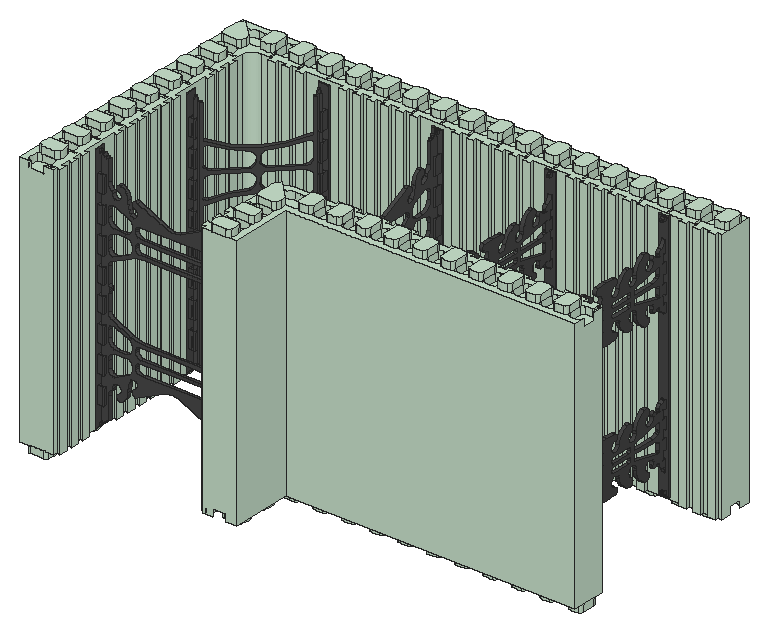
Revit family (continued)
Definition of nested family "10-inch Insert Web"
  Forms (in)
    Extrusion 2, solid, material "High Density Polystyrene"
      sketch origin (0, 0, 0) x (0, 1, 0) y (0, 0, 1)
        loop
          line (5.12543, 0.17379) -> (5.19457, 0.13538)
          arc (5.19457, 0.13538) -> (5.20585, 0.12437) -> (5.21, 0.10915) r 0.03
          line (5.21, 0.10915) -> (5.21, 0.35795)
          arc (5.21, 0.35795) -> (5.20374, 0.34342) -> (5.18889, 0.33798) r 0.02
        loop
          arc (-5.12543, 0.17379) -> (-5.11414, 0.1848) -> (-5.11, 0.20001) r 0.03
          line (-5.11, 0.20001) -> (-5.11, 0.32122)
          arc (-5.11, 0.32122) -> (-5.11625, 0.33575) -> (-5.13111, 0.34119) r 0.02
          line (-5.13111, 0.34119) -> (-5.18889, 0.33798)
          arc (-5.18889, 0.33798) -> (-5.20374, 0.34342) -> (-5.21, 0.35795) r 0.02
          line (-5.21, 0.35795) -> (-5.21, 0.10915)
          arc (-5.21, 0.10915) -> (-5.20585, 0.12437) -> (-5.19457, 0.13538) r 0.03
          line (-5.19457, 0.13538) -> (-5.12543, 0.17379)
        loop
          line (5, 17.20772) -> (4.925, 17.43772)
          arc (4.925, 17.43772) -> (4.875, 17.46772) -> (4.825, 17.43772) r 0.05667
          line (4.825, 17.43772) -> (4.77609, 17.28772) -> (4.64893, 17.28772)
          arc (4.64893, 17.28772) -> (4.61433, 17.27339) -> (4.6, 17.2388) r 0.04893
          line (4.6, 17.2388) -> (4.6, 17.20772) -> (4.5, 17.20772) -> (4.5, 15.75595)
          arc (4.5, 15.75595) -> (4.43087, 15.489) -> (4.24086, 15.28915) r 0.55
          arc (4.24086, 15.28915) -> (4.19232, 15.23289) -> (4.1843, 15.15901) r 0.125
          arc (4.1843, 15.15901) -> (3.73923, 14.83241) -> (3.77171, 15.3835) r 0.305
          arc (3.77171, 15.3835) -> (3.89426, 15.66948) -> (3.60829, 15.79202) r 0.22
          arc (3.60829, 15.79202) -> (3.25428, 15.49683) -> (3.14171, 15.04986) r 0.745
          arc (3.14171, 15.04986) -> (3.09808, 14.63491) -> (2.96932, 14.23805) r 2
          arc (2.96932, 14.23805) -> (2.47025, 14.23431) -> (2.63581, 14.70513) r 0.305
          arc (2.63581, 14.70513) -> (2.78874, 15.03658) -> (2.43743, 15.1357) r 0.24
          line (2.43743, 15.1357) -> (0.5, 14.2255)
          arc (0.5, 14.2255) -> (0.25681, 14.13776) -> (0, 14.10798) r 1.12236
          arc (0, 14.10798) -> (-0.25681, 14.13776) -> (-0.5, 14.2255) r 1.12236
          line (-0.5, 14.2255) -> (-2.43743, 15.1357)
          arc (-2.43743, 15.1357) -> (-2.78874, 15.03658) -> (-2.63581, 14.70513) r 0.24
          arc (-2.63581, 14.70513) -> (-2.47025, 14.23431) -> (-2.96932, 14.23805) r 0.305
          arc (-2.96932, 14.23805) -> (-3.09808, 14.63491) -> (-3.14171, 15.04986) r 2
          arc (-3.14171, 15.04986) -> (-3.25428, 15.49683) -> (-3.60829, 15.79202) r 0.745
          arc (-3.60829, 15.79202) -> (-3.89426, 15.66948) -> (-3.77171, 15.3835) r 0.22
          arc (-3.77171, 15.3835) -> (-3.73923, 14.83241) -> (-4.1843, 15.15901) r 0.305
          arc (-4.1843, 15.15901) -> (-4.19232, 15.23289) -> (-4.24086, 15.28915) r 0.125
          arc (-4.24086, 15.28915) -> (-4.43087, 15.489) -> (-4.5, 15.75595) r 0.55
          line (-4.5, 15.75595) -> (-4.5, 17.20772) -> (-4.6, 17.20772) -> (-4.6, 17.2388)
          arc (-4.6, 17.2388) -> (-4.61433, 17.27339) -> (-4.64893, 17.28772) r 0.04893
          line (-4.64893, 17.28772) -> (-4.77609, 17.28772) -> (-4.825, 17.43772)
          arc (-4.825, 17.43772) -> (-4.875, 17.46772) -> (-4.925, 17.43772) r 0.05667
          line (-4.925, 17.43772) -> (-5, 17.20772) -> (-5, 0.66519) -> (-4.925, 0.43519)
          arc (-4.925, 0.43519) -> (-4.875, 0.40519) -> (-4.825, 0.43519) r 0.05667
          line (-4.825, 0.43519) -> (-4.77609, 0.58519) -> (-4.64893, 0.58519)
          arc (-4.64893, 0.58519) -> (-4.61433, 0.59952) -> (-4.6, 0.63412) r 0.04893
          line (-4.6, 0.63412) -> (-4.6, 0.66519) -> (-4.5, 0.66519) -> (-4.5, 2.24405)
          arc (-4.5, 2.24405) -> (-4.43087, 2.511) -> (-4.24086, 2.71085) r 0.55
          arc (-4.24086, 2.71085) -> (-4.19232, 2.76711) -> (-4.1843, 2.84099) r 0.125
          arc (-4.1843, 2.84099) -> (-3.73923, 3.16759) -> (-3.77171, 2.6165) r 0.305
          arc (-3.77171, 2.6165) -> (-3.89426, 2.33052) -> (-3.60829, 2.20798) r 0.22
          arc (-3.60829, 2.20798) -> (-3.25428, 2.50317) -> (-3.14171, 2.95014) r 0.745
          arc (-3.14171, 2.95014) -> (-3.09808, 3.36509) -> (-2.96932, 3.76195) r 2
          arc (-2.96932, 3.76195) -> (-2.47025, 3.76569) -> (-2.63581, 3.29487) r 0.305
          arc (-2.63581, 3.29487) -> (-2.78874, 2.96342) -> (-2.43743, 2.8643) r 0.24
          line (-2.43743, 2.8643) -> (-0.5, 3.7745)
          arc (-0.5, 3.7745) -> (-0.25681, 3.86224) -> (0, 3.89202) r 1.12236
          arc (0, 3.89202) -> (0.25681, 3.86224) -> (0.5, 3.7745) r 1.12236
          line (0.5, 3.7745) -> (2.43743, 2.8643)
          arc (2.43743, 2.8643) -> (2.78874, 2.96342) -> (2.63581, 3.29487) r 0.24
          arc (2.63581, 3.29487) -> (2.47025, 3.76569) -> (2.96932, 3.76195) r 0.305
          arc (2.96932, 3.76195) -> (3.09808, 3.36509) -> (3.14171, 2.95014) r 2
          arc (3.14171, 2.95014) -> (3.25428, 2.50317) -> (3.60829, 2.20798) r 0.745
          arc (3.60829, 2.20798) -> (3.89426, 2.33052) -> (3.77171, 2.6165) r 0.22
          arc (3.77171, 2.6165) -> (3.73923, 3.16759) -> (4.1843, 2.84099) r 0.305
          arc (4.1843, 2.84099) -> (4.19232, 2.76711) -> (4.24086, 2.71085) r 0.125
          arc (4.24086, 2.71085) -> (4.43087, 2.511) -> (4.5, 2.24405) r 0.55
          line (4.5, 2.24405) -> (4.5, 0.66519) -> (4.6, 0.66519) -> (4.6, 0.63412)
          arc (4.6, 0.63412) -> (4.61433, 0.59952) -> (4.64893, 0.58519) r 0.04893
          line (4.64893, 0.58519) -> (4.77609, 0.58519) -> (4.825, 0.43519)
          arc (4.825, 0.43519) -> (4.875, 0.40519) -> (4.925, 0.43519) r 0.05667
          line (4.925, 0.43519) -> (5, 0.66519) -> (5, 17.20772)
        loop
          line (0, 13.70798) -> (-2.02401, 13.70798)
          arc (-2.02401, 13.70798) -> (-2.16288, 13.71227) -> (-2.30123, 13.72512) r 2.25
          arc (-2.30123, 13.72512) -> (-2.48146, 13.58635) -> (-2.6, 13.39222) r 0.62421
          line (-2.6, 13.39222) -> (-2.6, 13.26627)
          arc (-2.6, 13.26627) -> (-2.45481, 13.03646) -> (-2.225, 12.89127) r 0.61747
          line (-2.225, 12.89127) -> (0, 12.89127) -> (2.225, 12.89127)
          arc (2.225, 12.89127) -> (2.45481, 13.03646) -> (2.6, 13.26627) r 0.61747
          line (2.6, 13.26627) -> (2.6, 13.39222)
          arc (2.6, 13.39222) -> (2.48146, 13.58635) -> (2.30123, 13.72512) r 0.62421
          arc (2.30123, 13.72512) -> (2.16288, 13.71227) -> (2.02401, 13.70798) r 2.25
          line (2.02401, 13.70798) -> (0, 13.70798)
        loop
          line (0, 12.71127) -> (-2.22579, 12.71127)
          arc (-2.22579, 12.71127) -> (-2.4551, 12.56606) -> (-2.6, 12.33655) r 0.61747
          line (-2.6, 12.33655) -> (-2.6, 12.21055)
          arc (-2.6, 12.21055) -> (-2.48148, 12.01645) -> (-2.3013, 11.87769) r 0.62421
          arc (-2.3013, 11.87769) -> (-2.16251, 11.89062) -> (-2.02319, 11.89494) r 2.25
          line (-2.02319, 11.89494) -> (0, 11.89494) -> (2.02319, 11.89494)
          arc (2.02319, 11.89494) -> (2.16251, 11.89062) -> (2.3013, 11.87769) r 2.25
          arc (2.3013, 11.87769) -> (2.48148, 12.01645) -> (2.6, 12.21055) r 0.62421
          line (2.6, 12.21055) -> (2.6, 12.33655)
          arc (2.6, 12.33655) -> (2.4551, 12.56606) -> (2.22579, 12.71127) r 0.61747
          line (2.22579, 12.71127) -> (0, 12.71127)
        loop
          line (3.08806, 11.63079) -> (3.96605, 11.21989)
          arc (3.96605, 11.21989) -> (4.32627, 11.24313) -> (4.5, 11.55954) r 0.375
          line (4.5, 11.55954) -> (4.5, 12.08627)
          arc (4.5, 12.08627) -> (4.31694, 12.52821) -> (3.875, 12.71127) r 0.625
          line (3.875, 12.71127) -> (3.3, 12.71127)
          arc (3.3, 12.71127) -> (2.94645, 12.56482) -> (2.8, 12.21127) r 0.5
          line (2.8, 12.21127) -> (2.8, 12.08365)
          arc (2.8, 12.08365) -> (2.87812, 11.81529) -> (3.08806, 11.63079) r 0.5
        loop
          line (4.5, 13.51627) -> (4.5, 14.04299)
          arc (4.5, 14.04299) -> (4.32627, 14.35941) -> (3.96605, 14.38264) r 0.375
          line (3.96605, 14.38264) -> (3.08806, 13.97174)
          arc (3.08806, 13.97174) -> (2.87812, 13.78724) -> (2.8, 13.51888) r 0.5
          line (2.8, 13.51888) -> (2.8, 13.39127)
          arc (2.8, 13.39127) -> (2.94645, 13.03771) -> (3.3, 12.89127) r 0.5
          line (3.3, 12.89127) -> (3.875, 12.89127)
          arc (3.875, 12.89127) -> (4.31694, 13.07433) -> (4.5, 13.51627) r 0.625
        loop
          line (4.21194, 10.90608) -> (2.95372, 11.49492)
          arc (2.95372, 11.49492) -> (2.48851, 11.65338) -> (2, 11.70705) r 2.25
          line (2, 11.70705) -> (0, 11.70705) -> (-2, 11.70705)
          arc (-2, 11.70705) -> (-2.48851, 11.65338) -> (-2.95372, 11.49492) r 2.25
          line (-2.95372, 11.49492) -> (-4.21194, 10.90608)
          arc (-4.21194, 10.90608) -> (-4.42188, 10.72158) -> (-4.5, 10.45322) r 0.5
          line (-4.5, 10.45322) -> (-4.5, 9.31235) -> (-4.38, 9.11235) -> (-4.38, 9) -> (-4.38, 8.88765) -> (-4.5, 8.68765) -> (-4.5, 7.54678)
          arc (-4.5, 7.54678) -> (-4.42188, 7.27842) -> (-4.21194, 7.09392) r 0.5
          line (-4.21194, 7.09392) -> (-2.95372, 6.50508)
          arc (-2.95372, 6.50508) -> (-2.48851, 6.34662) -> (-2, 6.29295) r 2.25
          line (-2, 6.29295) -> (0, 6.29295) -> (2, 6.29295)
          arc (2, 6.29295) -> (2.48851, 6.34662) -> (2.95372, 6.50508) r 2.25
          line (2.95372, 6.50508) -> (4.21194, 7.09392)
          arc (4.21194, 7.09392) -> (4.42188, 7.27842) -> (4.5, 7.54678) r 0.5
          line (4.5, 7.54678) -> (4.5, 8.68765) -> (4.38, 8.88765) -> (4.38, 9) -> (4.38, 9.11235) -> (4.5, 9.31235) -> (4.5, 10.45322)
          arc (4.5, 10.45322) -> (4.42188, 10.72158) -> (4.21194, 10.90608) r 0.5
        loop
          arc (-3.08806, 11.63079) -> (-2.87812, 11.81529) -> (-2.8, 12.08365) r 0.5
          line (-2.8, 12.08365) -> (-2.8, 12.21127)
          arc (-2.8, 12.21127) -> (-2.94645, 12.56482) -> (-3.3, 12.71127) r 0.5
          line (-3.3, 12.71127) -> (-3.875, 12.71127)
          arc (-3.875, 12.71127) -> (-4.31694, 12.52821) -> (-4.5, 12.08627) r 0.625
          line (-4.5, 12.08627) -> (-4.5, 11.55954)
          arc (-4.5, 11.55954) -> (-4.32627, 11.24313) -> (-3.96605, 11.21989) r 0.375
          line (-3.96605, 11.21989) -> (-3.08806, 11.63079)
        loop
          arc (-4.5, 13.51627) -> (-4.31694, 13.07433) -> (-3.875, 12.89127) r 0.625
          line (-3.875, 12.89127) -> (-3.3, 12.89127)
          arc (-3.3, 12.89127) -> (-2.94645, 13.03771) -> (-2.8, 13.39127) r 0.5
          line (-2.8, 13.39127) -> (-2.8, 13.51888)
          arc (-2.8, 13.51888) -> (-2.87812, 13.78724) -> (-3.08806, 13.97174) r 0.5
          line (-3.08806, 13.97174) -> (-3.96605, 14.38264)
          arc (-3.96605, 14.38264) -> (-4.32627, 14.35941) -> (-4.5, 14.04299) r 0.375
          line (-4.5, 14.04299) -> (-4.5, 13.51627)
        loop
          line (0, 4.29202) -> (2.02401, 4.29202)
          arc (2.02401, 4.29202) -> (2.16288, 4.28773) -> (2.30123, 4.27488) r 2.25
          arc (2.30123, 4.27488) -> (2.48146, 4.41365) -> (2.6, 4.60778) r 0.62421
          line (2.6, 4.60778) -> (2.6, 4.73373)
          arc (2.6, 4.73373) -> (2.45481, 4.96354) -> (2.225, 5.10873) r 0.61747
          line (2.225, 5.10873) -> (0, 5.10873) -> (-2.225, 5.10873)
          arc (-2.225, 5.10873) -> (-2.45481, 4.96354) -> (-2.6, 4.73373) r 0.61747
          line (-2.6, 4.73373) -> (-2.6, 4.60778)
          arc (-2.6, 4.60778) -> (-2.48146, 4.41365) -> (-2.30123, 4.27488) r 0.62421
          arc (-2.30123, 4.27488) -> (-2.16288, 4.28773) -> (-2.02401, 4.29202) r 2.25
          line (-2.02401, 4.29202) -> (0, 4.29202)
        loop
          line (0, 5.28873) -> (2.22579, 5.28873)
          arc (2.22579, 5.28873) -> (2.4551, 5.43394) -> (2.6, 5.66345) r 0.61747
          line (2.6, 5.66345) -> (2.6, 5.78945)
          arc (2.6, 5.78945) -> (2.48148, 5.98355) -> (2.3013, 6.12231) r 0.62421
          arc (2.3013, 6.12231) -> (2.16251, 6.10938) -> (2.02319, 6.10506) r 2.25
          line (2.02319, 6.10506) -> (0, 6.10506) -> (-2.02319, 6.10506)
          arc (-2.02319, 6.10506) -> (-2.16251, 6.10938) -> (-2.3013, 6.12231) r 2.25
          arc (-2.3013, 6.12231) -> (-2.48148, 5.98355) -> (-2.6, 5.78945) r 0.62421
          line (-2.6, 5.78945) -> (-2.6, 5.66345)
          arc (-2.6, 5.66345) -> (-2.4551, 5.43394) -> (-2.22579, 5.28873) r 0.61747
          line (-2.22579, 5.28873) -> (0, 5.28873)
        loop
          arc (3.08806, 6.36921) -> (2.87812, 6.18471) -> (2.8, 5.91635) r 0.5
          line (2.8, 5.91635) -> (2.8, 5.78873)
          arc (2.8, 5.78873) -> (2.94645, 5.43518) -> (3.3, 5.28873) r 0.5
          line (3.3, 5.28873) -> (3.875, 5.28873)
          arc (3.875, 5.28873) -> (4.31694, 5.47179) -> (4.5, 5.91373) r 0.625
          line (4.5, 5.91373) -> (4.5, 6.44046)
          arc (4.5, 6.44046) -> (4.32627, 6.75687) -> (3.96605, 6.78011) r 0.375
          line (3.96605, 6.78011) -> (3.08806, 6.36921)
        loop
          arc (4.5, 4.48373) -> (4.31694, 4.92567) -> (3.875, 5.10873) r 0.625
          line (3.875, 5.10873) -> (3.3, 5.10873)
          arc (3.3, 5.10873) -> (2.94645, 4.96229) -> (2.8, 4.60873) r 0.5
          line (2.8, 4.60873) -> (2.8, 4.48112)
          arc (2.8, 4.48112) -> (2.87812, 4.21276) -> (3.08806, 4.02826) r 0.5
          line (3.08806, 4.02826) -> (3.96605, 3.61736)
          arc (3.96605, 3.61736) -> (4.32627, 3.64059) -> (4.5, 3.95701) r 0.375
          line (4.5, 3.95701) -> (4.5, 4.48373)
        loop
          line (-3.08806, 6.36921) -> (-3.96605, 6.78011)
          arc (-3.96605, 6.78011) -> (-4.32627, 6.75687) -> (-4.5, 6.44046) r 0.375
          line (-4.5, 6.44046) -> (-4.5, 5.91373)
          arc (-4.5, 5.91373) -> (-4.31694, 5.47179) -> (-3.875, 5.28873) r 0.625
          line (-3.875, 5.28873) -> (-3.3, 5.28873)
          arc (-3.3, 5.28873) -> (-2.94645, 5.43518) -> (-2.8, 5.78873) r 0.5
          line (-2.8, 5.78873) -> (-2.8, 5.91635)
          arc (-2.8, 5.91635) -> (-2.87812, 6.18471) -> (-3.08806, 6.36921) r 0.5
        loop
          line (-4.5, 4.48373) -> (-4.5, 3.95701)
          arc (-4.5, 3.95701) -> (-4.32627, 3.64059) -> (-3.96605, 3.61736) r 0.375
          line (-3.96605, 3.61736) -> (-3.08806, 4.02826)
          arc (-3.08806, 4.02826) -> (-2.87812, 4.21276) -> (-2.8, 4.48112) r 0.5
          line (-2.8, 4.48112) -> (-2.8, 4.60873)
          arc (-2.8, 4.60873) -> (-2.94645, 4.96229) -> (-3.3, 5.10873) r 0.5
          line (-3.3, 5.10873) -> (-3.875, 5.10873)
          arc (-3.875, 5.10873) -> (-4.31694, 4.92567) -> (-4.5, 4.48373) r 0.625
      from 0.125 to -0.125
    Extrusion 3, solid, material "High Density Polystyrene"
      sketch origin (0, 0, 0) x (0, 1, 0) y (0, 0, 1)
        loop
          line (5.21, 16.17792) -> (4.71, 16.17792) -> (4.71, 14.97792) -> (5.21, 14.97792) -> (5.21, 16.17792)
        loop
          line (5.21, 14.22792) -> (4.71, 14.22792) -> (4.71, 13.02792) -> (5.21, 13.02792) -> (5.21, 14.22792)
        loop
          line (5.21, 12.27792) -> (4.71, 12.27792) -> (4.71, 11.07792) -> (5.21, 11.07792) -> (5.21, 12.27792)
        loop
          line (5.21, 10.32792) -> (4.71, 10.32792) -> (4.71, 9.24792) -> (5.21, 9.24792) -> (5.21, 10.32792)
        loop
          line (5.21, 8.49792) -> (4.71, 8.49792) -> (4.71, 7.41792) -> (5.21, 7.41792) -> (5.21, 8.49792)
        loop
          line (5.21, 6.66792) -> (4.71, 6.66792) -> (4.71, 5.46792) -> (5.21, 5.46792) -> (5.21, 6.66792)
        loop
          line (5.21, 4.71792) -> (4.71, 4.71792) -> (4.71, 3.51792) -> (5.21, 3.51792) -> (5.21, 4.71792)
        loop
          line (5.21, 2.76792) -> (4.71, 2.76792) -> (4.71, 1.56792) -> (5.21, 1.56792) -> (5.21, 2.76792)
        loop
          line (-5.21, 16.17792) -> (-5.21, 14.97792) -> (-4.71, 14.97792) -> (-4.71, 16.17792) -> (-5.21, 16.17792)
        loop
          line (-5.21, 14.22792) -> (-5.21, 13.02792) -> (-4.71, 13.02792) -> (-4.71, 14.22792) -> (-5.21, 14.22792)
        loop
          line (-5.21, 12.27792) -> (-5.21, 11.07792) -> (-4.71, 11.07792) -> (-4.71, 12.27792) -> (-5.21, 12.27792)
        loop
          line (-5.21, 10.32792) -> (-5.21, 9.24792) -> (-4.71, 9.24792) -> (-4.71, 10.32792) -> (-5.21, 10.32792)
        loop
          line (-5.21, 8.49792) -> (-5.21, 7.41792) -> (-4.71, 7.41792) -> (-4.71, 8.49792) -> (-5.21, 8.49792)
        loop
          line (-5.21, 6.66792) -> (-5.21, 5.46792) -> (-4.71, 5.46792) -> (-4.71, 6.66792) -> (-5.21, 6.66792)
        loop
          line (-5.21, 4.71792) -> (-5.21, 3.51792) -> (-4.71, 3.51792) -> (-4.71, 4.71792) -> (-5.21, 4.71792)
        loop
          line (-5.21, 2.76792) -> (-5.21, 1.56792) -> (-4.71, 1.56792) -> (-4.71, 2.76792) -> (-5.21, 2.76792)
      from 0.25 to -0.25
    Extrusion 4, void
      sketch origin (0, 2, 0) x (1, 0, 0) y (0, 1, 0)
        loop
          line (-0.25, 2.79249) -> (-0.25, 2.71) -> (-0.1675, 2.71)
          arc (-0.1675, 2.71) -> (-0.22584, 2.73416) -> (-0.25, 2.79249) r 0.0825
      from 0 to 18
    Extrusion 5, void
      sketch origin (0, 2, 0) x (-1, 0, 0) y (0, -1, 0)
        loop
          arc (-0.25, -2.79249) -> (-0.22584, -2.73416) -> (-0.1675, -2.71) r 0.0825
          line (-0.1675, -2.71) -> (-0.25, -2.71) -> (-0.25, -2.79249)
      from 0 to 18
    Extrusion 6, void
      sketch origin (0, -2, 0) x (1, 0, 0) y (0, 1, 0)
        loop
          arc (-0.25, -2.79249) -> (-0.22584, -2.73416) -> (-0.1675, -2.71) r 0.0825
          line (-0.1675, -2.71) -> (-0.25, -2.71) -> (-0.25, -2.79249)
      from 0 to 18
    Extrusion 7, void
      sketch origin (0, -2, 0) x (-1, 0, 0) y (0, -1, 0)
        loop
          line (-0.25, 2.79249) -> (-0.25, 2.71) -> (-0.1675, 2.71)
          arc (-0.1675, 2.71) -> (-0.22584, 2.73416) -> (-0.25, 2.79249) r 0.0825
      from 0 to 18
  Cuts and joins
    Extrusion 4, Extrusion 5, Extrusion 6, Extrusion 7 cuts Extrusion 1
    Extrusion 4, Extrusion 5, Extrusion 6, Extrusion 7 cuts Extrusion 3
Definition of nested family "10-inch Web"
  Reference planes (in)
    plane 1 "Center (Front/Back)": y = 0
    plane 2: z = 0
    plane 3 "Center (Left/Right)": x = 0
  Forms (in)
    Extrusion 1, solid, material "Polypropylene"
      sketch origin (0, 0, -0.5) x (0, 1, 0) y (0, 0, 1)
        loop
          arc (5.185, 0.98503) -> (5.17874, 0.9705) -> (5.16389, 0.96506) r 0.02
          line (5.16389, 0.96506) -> (5.00611, 0.97383)
          arc (5.00611, 0.97383) -> (4.99126, 0.96839) -> (4.985, 0.95386) r 0.02
          line (4.985, 0.95386) -> (4.985, 0.88265)
          arc (4.985, 0.88265) -> (4.98914, 0.86744) -> (5.00043, 0.85643) r 0.03
          line (5.00043, 0.85643) -> (5.16957, 0.76246)
          arc (5.16957, 0.76246) -> (5.18086, 0.75145) -> (5.185, 0.73624) r 0.03
          line (5.185, 0.73624) -> (5.185, 0.98503)
        loop
          line (-5.185, 0.98503) -> (-5.185, 0.73624)
          arc (-5.185, 0.73624) -> (-5.18086, 0.75145) -> (-5.16957, 0.76246) r 0.03
          line (-5.16957, 0.76246) -> (-5.00043, 0.85643)
          arc (-5.00043, 0.85643) -> (-4.98914, 0.86744) -> (-4.985, 0.88265) r 0.03
          line (-4.985, 0.88265) -> (-4.985, 0.95386)
          arc (-4.985, 0.95386) -> (-4.99126, 0.96839) -> (-5.00611, 0.97383) r 0.02
          line (-5.00611, 0.97383) -> (-5.16389, 0.96506)
          arc (-5.16389, 0.96506) -> (-5.17874, 0.9705) -> (-5.185, 0.98503) r 0.02
        loop
          line (4.959, 15.45384) -> (4.959, 15.95381) -> (4.854, 15.95381) -> (4.854, 16.02384) -> (5.0915, 16.02384)
          arc (5.0915, 16.02384) -> (5.1357, 16.00553) -> (5.154, 15.96134) r 0.0625
          line (5.154, 15.96134) -> (5.154, 16.86095)
          arc (5.154, 16.86095) -> (5.06225, 16.57227) -> (4.82067, 16.38954) r 0.5
          arc (4.82067, 16.38954) -> (4.69988, 16.29818) -> (4.654, 16.15384) r 0.25
          line (4.654, 16.15384) -> (4.654, 16.08634)
          arc (4.654, 16.08634) -> (4.67231, 16.04214) -> (4.7165, 16.02384) r 0.0625
          line (4.7165, 16.02384) -> (4.764, 16.02384) -> (4.764, 15.95381) -> (4.65846, 15.95381)
          arc (4.65846, 15.95381) -> (4.46242, 15.98802) -> (4.30133, 16.10487) r 0.44133
          arc (4.30133, 16.10487) -> (4.13092, 16.12201) -> (4.10336, 15.95298) r 0.125
          arc (4.10336, 15.95298) -> (3.6202, 15.47559) -> (3.56289, 16.15239) r 0.375
          arc (3.56289, 16.15239) -> (3.71165, 16.51474) -> (3.34931, 16.66349) r 0.27697
          arc (3.34931, 16.66349) -> (2.83672, 16.26582) -> (2.64033, 15.6475) r 1.09159
          line (2.64033, 15.6475) -> (2.64084, 15.48251)
          arc (2.64084, 15.48251) -> (2.06728, 15.19279) -> (2.07976, 15.83525) r 0.375
          arc (2.07976, 15.83525) -> (2.22851, 16.1976) -> (1.86617, 16.34635) r 0.27697
          arc (1.86617, 16.34635) -> (1.36679, 16.02099) -> (1.12993, 15.47406) r 1.0341
          arc (1.12993, 15.47406) -> (0.55637, 15.18434) -> (0.56885, 15.8268) r 0.375
          arc (0.56885, 15.8268) -> (0.65723, 15.85457) -> (0.74814, 15.87237) r 0.83414
          arc (0.74814, 15.87237) -> (0.91326, 16.103) -> (0.71383, 16.30469) r 0.22
          arc (0.71383, 16.30469) -> (0.35845, 16.35404) -> (0, 16.36944) r 3.77741
          arc (0, 16.36944) -> (-0.35845, 16.35404) -> (-0.71383, 16.30469) r 3.77741
          arc (-0.71383, 16.30469) -> (-0.91326, 16.103) -> (-0.74814, 15.87237) r 0.22
          arc (-0.74814, 15.87237) -> (-0.65723, 15.85457) -> (-0.56885, 15.8268) r 0.83414
          arc (-0.56885, 15.8268) -> (-0.55637, 15.18434) -> (-1.12993, 15.47406) r 0.375
          arc (-1.12993, 15.47406) -> (-1.36679, 16.02099) -> (-1.86617, 16.34635) r 1.0341
          arc (-1.86617, 16.34635) -> (-2.22851, 16.1976) -> (-2.07976, 15.83525) r 0.27697
          arc (-2.07976, 15.83525) -> (-2.06728, 15.19279) -> (-2.64084, 15.48251) r 0.375
          line (-2.64084, 15.48251) -> (-2.64033, 15.6475)
          arc (-2.64033, 15.6475) -> (-2.83672, 16.26582) -> (-3.34931, 16.66349) r 1.09159
          arc (-3.34931, 16.66349) -> (-3.71165, 16.51474) -> (-3.56289, 16.15239) r 0.27697
          arc (-3.56289, 16.15239) -> (-3.6202, 15.47559) -> (-4.10336, 15.95298) r 0.375
          arc (-4.10336, 15.95298) -> (-4.13092, 16.12201) -> (-4.30133, 16.10487) r 0.125
          arc (-4.30133, 16.10487) -> (-4.46242, 15.98802) -> (-4.65846, 15.95381) r 0.44133
          line (-4.65846, 15.95381) -> (-4.764, 15.95381) -> (-4.764, 16.02384) -> (-4.7165, 16.02384)
          arc (-4.7165, 16.02384) -> (-4.67231, 16.04214) -> (-4.654, 16.08634) r 0.0625
          line (-4.654, 16.08634) -> (-4.654, 16.15384)
          arc (-4.654, 16.15384) -> (-4.69988, 16.29818) -> (-4.82067, 16.38954) r 0.25
          arc (-4.82067, 16.38954) -> (-5.06225, 16.57227) -> (-5.154, 16.86095) r 0.5
          line (-5.154, 16.86095) -> (-5.154, 15.96134)
          arc (-5.154, 15.96134) -> (-5.1357, 16.00553) -> (-5.0915, 16.02384) r 0.0625
          line (-5.0915, 16.02384) -> (-4.854, 16.02384) -> (-4.854, 15.95381) -> (-4.959, 15.95381) -> (-4.959, 15.45384) -> (-4.854, 15.45384) -> (-4.854, 15.38384) -> (-5.1225, 15.38384)
          arc (-5.1225, 15.38384) -> (-5.16669, 15.40214) -> (-5.185, 15.44634) r 0.0625
          line (-5.185, 15.44634) -> (-5.185, 14.66134)
          arc (-5.185, 14.66134) -> (-5.16669, 14.70553) -> (-5.1225, 14.72384) r 0.0625
          line (-5.1225, 14.72384) -> (-4.854, 14.72384) -> (-4.854, 14.65384) -> (-4.959, 14.65384) -> (-4.959, 14.15384) -> (-4.854, 14.15384) -> (-4.854, 14.08384) -> (-5.1225, 14.08384)
          arc (-5.1225, 14.08384) -> (-5.16669, 14.10214) -> (-5.185, 14.14634) r 0.0625
          line (-5.185, 14.14634) -> (-5.185, 13.36134)
          arc (-5.185, 13.36134) -> (-5.16669, 13.40553) -> (-5.1225, 13.42384) r 0.0625
          line (-5.1225, 13.42384) -> (-4.854, 13.42384) -> (-4.854, 13.35384) -> (-4.959, 13.35384) -> (-4.959, 12.85387) -> (-4.854, 12.85387) -> (-4.854, 12.78384) -> (-5.1225, 12.78384)
          arc (-5.1225, 12.78384) -> (-5.16669, 12.80214) -> (-5.185, 12.84634) r 0.0625
          line (-5.185, 12.84634) -> (-5.185, 12.24673) -> (-5.054, 12.24673)
          arc (-5.054, 12.24673) -> (-4.95001, 12.34969) -> (-4.82067, 12.41814) r 0.5
          arc (-4.82067, 12.41814) -> (-4.69988, 12.5095) -> (-4.654, 12.65384) r 0.25
          line (-4.654, 12.65384) -> (-4.654, 12.72134)
          arc (-4.654, 12.72134) -> (-4.67231, 12.76553) -> (-4.7165, 12.78384) r 0.0625
          line (-4.7165, 12.78384) -> (-4.764, 12.78384) -> (-4.764, 12.85387) -> (-4.65846, 12.85387)
          arc (-4.65846, 12.85387) -> (-4.46242, 12.81966) -> (-4.30133, 12.70281) r 0.44133
          arc (-4.30133, 12.70281) -> (-4.13092, 12.68566) -> (-4.10336, 12.8547) r 0.125
          arc (-4.10336, 12.8547) -> (-3.6202, 13.33209) -> (-3.56289, 12.65529) r 0.375
          arc (-3.56289, 12.65529) -> (-3.71165, 12.29294) -> (-3.34931, 12.14419) r 0.27697
          arc (-3.34931, 12.14419) -> (-2.83672, 12.54186) -> (-2.64033, 13.16018) r 1.09159
          line (-2.64033, 13.16018) -> (-2.64084, 13.32517)
          arc (-2.64084, 13.32517) -> (-2.06728, 13.61488) -> (-2.07976, 12.97243) r 0.375
          arc (-2.07976, 12.97243) -> (-2.22851, 12.61008) -> (-1.86617, 12.46132) r 0.27697
          arc (-1.86617, 12.46132) -> (-1.36679, 12.78669) -> (-1.12993, 13.33362) r 1.0341
          arc (-1.12993, 13.33362) -> (-0.55637, 13.62334) -> (-0.56885, 12.98088) r 0.375
          arc (-0.56885, 12.98088) -> (-0.65723, 12.95311) -> (-0.74814, 12.93531) r 0.83414
          arc (-0.74814, 12.93531) -> (-0.91326, 12.70468) -> (-0.71383, 12.50299) r 0.22
          arc (-0.71383, 12.50299) -> (-0.35845, 12.45364) -> (0, 12.43823) r 3.77741
          arc (0, 12.43823) -> (0.35845, 12.45364) -> (0.71383, 12.50299) r 3.77741
          arc (0.71383, 12.50299) -> (0.91326, 12.70468) -> (0.74814, 12.93531) r 0.22
          arc (0.74814, 12.93531) -> (0.65723, 12.95311) -> (0.56885, 12.98088) r 0.83414
          arc (0.56885, 12.98088) -> (0.55637, 13.62334) -> (1.12993, 13.33362) r 0.375
          arc (1.12993, 13.33362) -> (1.36679, 12.78669) -> (1.86617, 12.46132) r 1.0341
          arc (1.86617, 12.46132) -> (2.22851, 12.61008) -> (2.07976, 12.97243) r 0.27697
          arc (2.07976, 12.97243) -> (2.06728, 13.61488) -> (2.64084, 13.32517) r 0.375
          line (2.64084, 13.32517) -> (2.64033, 13.16018)
          arc (2.64033, 13.16018) -> (2.83672, 12.54186) -> (3.34931, 12.14419) r 1.09159
          arc (3.34931, 12.14419) -> (3.71165, 12.29294) -> (3.56289, 12.65529) r 0.27697
          arc (3.56289, 12.65529) -> (3.6202, 13.33209) -> (4.10336, 12.8547) r 0.375
          arc (4.10336, 12.8547) -> (4.13092, 12.68566) -> (4.30133, 12.70281) r 0.125
          arc (4.30133, 12.70281) -> (4.46242, 12.81966) -> (4.65846, 12.85387) r 0.44133
          line (4.65846, 12.85387) -> (4.764, 12.85387) -> (4.764, 12.78384) -> (4.7165, 12.78384)
          arc (4.7165, 12.78384) -> (4.67231, 12.76553) -> (4.654, 12.72134) r 0.0625
          line (4.654, 12.72134) -> (4.654, 12.65384)
          arc (4.654, 12.65384) -> (4.69988, 12.5095) -> (4.82067, 12.41814) r 0.25
          arc (4.82067, 12.41814) -> (4.95001, 12.34969) -> (5.054, 12.24673) r 0.5
          line (5.054, 12.24673) -> (5.185, 12.24673) -> (5.185, 12.84634)
          arc (5.185, 12.84634) -> (5.16669, 12.80214) -> (5.1225, 12.78384) r 0.0625
          line (5.1225, 12.78384) -> (4.854, 12.78384) -> (4.854, 12.85387) -> (4.959, 12.85387) -> (4.959, 13.35384) -> (4.854, 13.35384) -> (4.854, 13.42384) -> (5.1225, 13.42384)
          arc (5.1225, 13.42384) -> (5.16669, 13.40553) -> (5.185, 13.36134) r 0.0625
          line (5.185, 13.36134) -> (5.185, 14.14634)
          arc (5.185, 14.14634) -> (5.16669, 14.10214) -> (5.1225, 14.08384) r 0.0625
          line (5.1225, 14.08384) -> (4.854, 14.08384) -> (4.854, 14.15384) -> (4.959, 14.15384) -> (4.959, 14.65384) -> (4.854, 14.65384) -> (4.854, 14.72384) -> (5.1225, 14.72384)
          arc (5.1225, 14.72384) -> (5.16669, 14.70553) -> (5.185, 14.66134) r 0.0625
          line (5.185, 14.66134) -> (5.185, 15.44634)
          arc (5.185, 15.44634) -> (5.16669, 15.40214) -> (5.1225, 15.38384) r 0.0625
          line (5.1225, 15.38384) -> (4.854, 15.38384) -> (4.854, 15.45384) -> (4.959, 15.45384)
        loop
          line (4.659, 14.65384) -> (4.764, 14.65384) -> (4.764, 14.72384) -> (4.7165, 14.72384)
          arc (4.7165, 14.72384) -> (4.67231, 14.74214) -> (4.654, 14.78634) r 0.0625
          line (4.654, 14.78634) -> (4.654, 15.32134)
          arc (4.654, 15.32134) -> (4.67231, 15.36553) -> (4.7165, 15.38384) r 0.0625
          line (4.7165, 15.38384) -> (4.764, 15.38384) -> (4.764, 15.45384) -> (4.659, 15.45384) -> (2.44144, 14.95721)
          arc (2.44144, 14.95721) -> (2.37119, 14.91337) -> (2.34376, 14.83523) r 0.125
          line (2.34376, 14.83523) -> (2.34376, 14.62294)
          arc (2.34376, 14.62294) -> (2.38037, 14.53455) -> (2.46876, 14.49794) r 0.125
          line (2.46876, 14.49794) -> (4.10628, 14.49794)
          arc (4.10628, 14.49794) -> (4.33726, 14.5391) -> (4.5554, 14.62551) r 1.17022
          arc (4.5554, 14.62551) -> (4.60543, 14.64613) -> (4.659, 14.65384) r 0.21872
        loop
          line (4.659, 13.35384) -> (4.764, 13.35384) -> (4.764, 13.42384) -> (4.7165, 13.42384)
          arc (4.7165, 13.42384) -> (4.67231, 13.44214) -> (4.654, 13.48634) r 0.0625
          line (4.654, 13.48634) -> (4.654, 14.02134)
          arc (4.654, 14.02134) -> (4.67231, 14.06553) -> (4.7165, 14.08384) r 0.0625
          line (4.7165, 14.08384) -> (4.764, 14.08384) -> (4.764, 14.15384) -> (4.659, 14.15384)
          arc (4.659, 14.15384) -> (4.60543, 14.16155) -> (4.5554, 14.18217) r 0.21872
          arc (4.5554, 14.18217) -> (4.33726, 14.26858) -> (4.10628, 14.30974) r 1.17022
          line (4.10628, 14.30974) -> (2.46876, 14.30974)
          arc (2.46876, 14.30974) -> (2.38037, 14.27312) -> (2.34376, 14.18474) r 0.125
          line (2.34376, 14.18474) -> (2.34376, 13.97245)
          arc (2.34376, 13.97245) -> (2.37119, 13.89431) -> (2.44144, 13.85047) r 0.125
          line (2.44144, 13.85047) -> (4.659, 13.35384)
        loop
          line (5.185, 18.01497) -> (5.185, 18.26376)
          arc (5.185, 18.26376) -> (5.18086, 18.24855) -> (5.16957, 18.23754) r 0.03
          line (5.16957, 18.23754) -> (5.00043, 18.14357)
          arc (5.00043, 18.14357) -> (4.98914, 18.13256) -> (4.985, 18.11735) r 0.03
          line (4.985, 18.11735) -> (4.985, 18.04614)
          arc (4.985, 18.04614) -> (4.99126, 18.03161) -> (5.00611, 18.02617) r 0.02
          line (5.00611, 18.02617) -> (5.16389, 18.03494)
          arc (5.16389, 18.03494) -> (5.17874, 18.0295) -> (5.185, 18.01497) r 0.02
        loop
          arc (-5.185, 18.01497) -> (-5.17874, 18.0295) -> (-5.16389, 18.03494) r 0.02
          line (-5.16389, 18.03494) -> (-5.00611, 18.02617)
          arc (-5.00611, 18.02617) -> (-4.99126, 18.03161) -> (-4.985, 18.04614) r 0.02
          line (-4.985, 18.04614) -> (-4.985, 18.11735)
          arc (-4.985, 18.11735) -> (-4.98914, 18.13256) -> (-5.00043, 18.14357) r 0.03
          line (-5.00043, 18.14357) -> (-5.16957, 18.23754)
          arc (-5.16957, 18.23754) -> (-5.18086, 18.24855) -> (-5.185, 18.26376) r 0.03
          line (-5.185, 18.26376) -> (-5.185, 18.01497)
        loop
          line (2.03126, 14.93281) -> (0.59176, 14.93281)
          arc (0.59176, 14.93281) -> (0.37476, 14.71581) -> (0.59176, 14.49881) r 0.217
          line (0.59176, 14.49881) -> (2.03126, 14.49881)
          arc (2.03126, 14.49881) -> (2.11964, 14.53542) -> (2.15626, 14.62381) r 0.125
          line (2.15626, 14.62381) -> (2.15626, 14.80781)
          arc (2.15626, 14.80781) -> (2.11964, 14.8962) -> (2.03126, 14.93281) r 0.125
        loop
          line (0.59176, 13.87487) -> (2.03126, 13.87487)
          arc (2.03126, 13.87487) -> (2.11964, 13.91148) -> (2.15626, 13.99987) r 0.125
          line (2.15626, 13.99987) -> (2.15626, 14.18387)
          arc (2.15626, 14.18387) -> (2.11964, 14.27226) -> (2.03126, 14.30887) r 0.125
          line (2.03126, 14.30887) -> (0.59176, 14.30887)
          arc (0.59176, 14.30887) -> (0.37476, 14.09187) -> (0.59176, 13.87487) r 0.217
        loop
          arc (-4.659, 14.65384) -> (-4.60543, 14.64613) -> (-4.5554, 14.62551) r 0.21872
          arc (-4.5554, 14.62551) -> (-4.33726, 14.5391) -> (-4.10628, 14.49794) r 1.17022
          line (-4.10628, 14.49794) -> (-2.46876, 14.49794)
          arc (-2.46876, 14.49794) -> (-2.38037, 14.53455) -> (-2.34376, 14.62294) r 0.125
          line (-2.34376, 14.62294) -> (-2.34376, 14.83523)
          arc (-2.34376, 14.83523) -> (-2.37119, 14.91337) -> (-2.44144, 14.95721) r 0.125
          line (-2.44144, 14.95721) -> (-4.659, 15.45384) -> (-4.764, 15.45384) -> (-4.764, 15.38384) -> (-4.7165, 15.38384)
          arc (-4.7165, 15.38384) -> (-4.67231, 15.36553) -> (-4.654, 15.32134) r 0.0625
          line (-4.654, 15.32134) -> (-4.654, 14.78634)
          arc (-4.654, 14.78634) -> (-4.67231, 14.74214) -> (-4.7165, 14.72384) r 0.0625
          line (-4.7165, 14.72384) -> (-4.764, 14.72384) -> (-4.764, 14.65384) -> (-4.659, 14.65384)
        loop
          line (-4.659, 13.35384) -> (-2.44144, 13.85047)
          arc (-2.44144, 13.85047) -> (-2.37119, 13.89431) -> (-2.34376, 13.97245) r 0.125
          line (-2.34376, 13.97245) -> (-2.34376, 14.18474)
          arc (-2.34376, 14.18474) -> (-2.38037, 14.27312) -> (-2.46876, 14.30974) r 0.125
          line (-2.46876, 14.30974) -> (-4.10628, 14.30974)
          arc (-4.10628, 14.30974) -> (-4.33726, 14.26858) -> (-4.5554, 14.18217) r 1.17022
          arc (-4.5554, 14.18217) -> (-4.60543, 14.16155) -> (-4.659, 14.15384) r 0.21872
          line (-4.659, 14.15384) -> (-4.764, 14.15384) -> (-4.764, 14.08384) -> (-4.7165, 14.08384)
          arc (-4.7165, 14.08384) -> (-4.67231, 14.06553) -> (-4.654, 14.02134) r 0.0625
          line (-4.654, 14.02134) -> (-4.654, 13.48634)
          arc (-4.654, 13.48634) -> (-4.67231, 13.44214) -> (-4.7165, 13.42384) r 0.0625
          line (-4.7165, 13.42384) -> (-4.764, 13.42384) -> (-4.764, 13.35384) -> (-4.659, 13.35384)
        loop
          arc (-2.03126, 14.93281) -> (-2.11964, 14.8962) -> (-2.15626, 14.80781) r 0.125
          line (-2.15626, 14.80781) -> (-2.15626, 14.62381)
          arc (-2.15626, 14.62381) -> (-2.11964, 14.53542) -> (-2.03126, 14.49881) r 0.125
          line (-2.03126, 14.49881) -> (-0.59176, 14.49881)
          arc (-0.59176, 14.49881) -> (-0.37476, 14.71581) -> (-0.59176, 14.93281) r 0.217
          line (-0.59176, 14.93281) -> (-2.03126, 14.93281)
        loop
          arc (-0.59176, 13.87487) -> (-0.37476, 14.09187) -> (-0.59176, 14.30887) r 0.217
          line (-0.59176, 14.30887) -> (-2.03126, 14.30887)
          arc (-2.03126, 14.30887) -> (-2.11964, 14.27226) -> (-2.15626, 14.18387) r 0.125
          line (-2.15626, 14.18387) -> (-2.15626, 13.99987)
          arc (-2.15626, 13.99987) -> (-2.11964, 13.91148) -> (-2.03126, 13.87487) r 0.125
          line (-2.03126, 13.87487) -> (-0.59176, 13.87487)
        loop
          line (4.959, 3.54616) -> (4.854, 3.54616) -> (4.854, 3.61616) -> (5.1225, 3.61616)
          arc (5.1225, 3.61616) -> (5.16669, 3.59786) -> (5.185, 3.55366) r 0.0625
          line (5.185, 3.55366) -> (5.185, 4.33866)
          arc (5.185, 4.33866) -> (5.16669, 4.29447) -> (5.1225, 4.27616) r 0.0625
          line (5.1225, 4.27616) -> (4.854, 4.27616) -> (4.854, 4.34616) -> (4.959, 4.34616) -> (4.959, 4.84616) -> (4.854, 4.84616) -> (4.854, 4.91616) -> (5.1225, 4.91616)
          arc (5.1225, 4.91616) -> (5.16669, 4.89786) -> (5.185, 4.85366) r 0.0625
          line (5.185, 4.85366) -> (5.185, 5.63866)
          arc (5.185, 5.63866) -> (5.16669, 5.59447) -> (5.1225, 5.57616) r 0.0625
          line (5.1225, 5.57616) -> (4.854, 5.57616) -> (4.854, 5.64616) -> (4.959, 5.64616) -> (4.959, 6.14613) -> (4.854, 6.14613) -> (4.854, 6.21616) -> (5.1225, 6.21616)
          arc (5.1225, 6.21616) -> (5.16669, 6.19786) -> (5.185, 6.15366) r 0.0625
          line (5.185, 6.15366) -> (5.185, 6.75327) -> (5.054, 6.75327)
          arc (5.054, 6.75327) -> (4.95001, 6.65031) -> (4.82067, 6.58186) r 0.5
          arc (4.82067, 6.58186) -> (4.69988, 6.4905) -> (4.654, 6.34616) r 0.25
          line (4.654, 6.34616) -> (4.654, 6.27866)
          arc (4.654, 6.27866) -> (4.67231, 6.23447) -> (4.7165, 6.21616) r 0.0625
          line (4.7165, 6.21616) -> (4.764, 6.21616) -> (4.764, 6.14613) -> (4.65846, 6.14613)
          arc (4.65846, 6.14613) -> (4.46242, 6.18034) -> (4.30133, 6.29719) r 0.44133
          arc (4.30133, 6.29719) -> (4.13092, 6.31434) -> (4.10336, 6.1453) r 0.125
          arc (4.10336, 6.1453) -> (3.6202, 5.66791) -> (3.56289, 6.34471) r 0.375
          arc (3.56289, 6.34471) -> (3.71165, 6.70706) -> (3.34931, 6.85581) r 0.27697
          arc (3.34931, 6.85581) -> (2.83672, 6.45814) -> (2.64033, 5.83982) r 1.09159
          line (2.64033, 5.83982) -> (2.64084, 5.67483)
          arc (2.64084, 5.67483) -> (2.06728, 5.38512) -> (2.07976, 6.02757) r 0.375
          arc (2.07976, 6.02757) -> (2.22851, 6.38992) -> (1.86617, 6.53868) r 0.27697
          arc (1.86617, 6.53868) -> (1.36679, 6.21331) -> (1.12993, 5.66638) r 1.0341
          arc (1.12993, 5.66638) -> (0.55637, 5.37666) -> (0.56885, 6.01912) r 0.375
          arc (0.56885, 6.01912) -> (0.65723, 6.04689) -> (0.74814, 6.06469) r 0.83414
          arc (0.74814, 6.06469) -> (0.91326, 6.29532) -> (0.71383, 6.49701) r 0.22
          arc (0.71383, 6.49701) -> (0.35845, 6.54636) -> (0, 6.56177) r 3.77741
          arc (0, 6.56177) -> (-0.35845, 6.54636) -> (-0.71383, 6.49701) r 3.77741
          arc (-0.71383, 6.49701) -> (-0.91326, 6.29532) -> (-0.74814, 6.06469) r 0.22
          arc (-0.74814, 6.06469) -> (-0.65723, 6.04689) -> (-0.56885, 6.01912) r 0.83414
          arc (-0.56885, 6.01912) -> (-0.55637, 5.37666) -> (-1.12993, 5.66638) r 0.375
          arc (-1.12993, 5.66638) -> (-1.36679, 6.21331) -> (-1.86617, 6.53868) r 1.0341
          arc (-1.86617, 6.53868) -> (-2.22851, 6.38992) -> (-2.07976, 6.02757) r 0.27697
          arc (-2.07976, 6.02757) -> (-2.06728, 5.38512) -> (-2.64084, 5.67483) r 0.375
          line (-2.64084, 5.67483) -> (-2.64033, 5.83982)
          arc (-2.64033, 5.83982) -> (-2.83672, 6.45814) -> (-3.34931, 6.85581) r 1.09159
          arc (-3.34931, 6.85581) -> (-3.71165, 6.70706) -> (-3.56289, 6.34471) r 0.27697
          arc (-3.56289, 6.34471) -> (-3.6202, 5.66791) -> (-4.10336, 6.1453) r 0.375
          arc (-4.10336, 6.1453) -> (-4.13092, 6.31434) -> (-4.30133, 6.29719) r 0.125
          arc (-4.30133, 6.29719) -> (-4.46242, 6.18034) -> (-4.65846, 6.14613) r 0.44133
          line (-4.65846, 6.14613) -> (-4.764, 6.14613) -> (-4.764, 6.21616) -> (-4.7165, 6.21616)
          arc (-4.7165, 6.21616) -> (-4.67231, 6.23447) -> (-4.654, 6.27866) r 0.0625
          line (-4.654, 6.27866) -> (-4.654, 6.34616)
          arc (-4.654, 6.34616) -> (-4.69988, 6.4905) -> (-4.82067, 6.58186) r 0.25
          arc (-4.82067, 6.58186) -> (-4.95001, 6.65031) -> (-5.054, 6.75327) r 0.5
          line (-5.054, 6.75327) -> (-5.185, 6.75327) -> (-5.185, 6.15366)
          arc (-5.185, 6.15366) -> (-5.16669, 6.19786) -> (-5.1225, 6.21616) r 0.0625
          line (-5.1225, 6.21616) -> (-4.854, 6.21616) -> (-4.854, 6.14613) -> (-4.959, 6.14613) -> (-4.959, 5.64616) -> (-4.854, 5.64616) -> (-4.854, 5.57616) -> (-5.1225, 5.57616)
          arc (-5.1225, 5.57616) -> (-5.16669, 5.59447) -> (-5.185, 5.63866) r 0.0625
          line (-5.185, 5.63866) -> (-5.185, 4.85366)
          arc (-5.185, 4.85366) -> (-5.16669, 4.89786) -> (-5.1225, 4.91616) r 0.0625
          line (-5.1225, 4.91616) -> (-4.854, 4.91616) -> (-4.854, 4.84616) -> (-4.959, 4.84616) -> (-4.959, 4.34616) -> (-4.854, 4.34616) -> (-4.854, 4.27616) -> (-5.1225, 4.27616)
          arc (-5.1225, 4.27616) -> (-5.16669, 4.29447) -> (-5.185, 4.33866) r 0.0625
          line (-5.185, 4.33866) -> (-5.185, 3.55366)
          arc (-5.185, 3.55366) -> (-5.16669, 3.59786) -> (-5.1225, 3.61616) r 0.0625
          line (-5.1225, 3.61616) -> (-4.854, 3.61616) -> (-4.854, 3.54616) -> (-4.959, 3.54616) -> (-4.959, 3.04619) -> (-4.854, 3.04619) -> (-4.854, 2.97616) -> (-5.0915, 2.97616)
          arc (-5.0915, 2.97616) -> (-5.1357, 2.99447) -> (-5.154, 3.03866) r 0.0625
          line (-5.154, 3.03866) -> (-5.154, 2.13905)
          arc (-5.154, 2.13905) -> (-5.06225, 2.42773) -> (-4.82067, 2.61046) r 0.5
          arc (-4.82067, 2.61046) -> (-4.69988, 2.70182) -> (-4.654, 2.84616) r 0.25
          line (-4.654, 2.84616) -> (-4.654, 2.91366)
          arc (-4.654, 2.91366) -> (-4.67231, 2.95786) -> (-4.7165, 2.97616) r 0.0625
          line (-4.7165, 2.97616) -> (-4.764, 2.97616) -> (-4.764, 3.04619) -> (-4.65846, 3.04619)
          arc (-4.65846, 3.04619) -> (-4.46242, 3.01198) -> (-4.30133, 2.89513) r 0.44133
          arc (-4.30133, 2.89513) -> (-4.13092, 2.87799) -> (-4.10336, 3.04702) r 0.125
          arc (-4.10336, 3.04702) -> (-3.6202, 3.52441) -> (-3.56289, 2.84761) r 0.375
          arc (-3.56289, 2.84761) -> (-3.71165, 2.48526) -> (-3.34931, 2.33651) r 0.27697
          arc (-3.34931, 2.33651) -> (-2.83672, 2.73418) -> (-2.64033, 3.3525) r 1.09159
          line (-2.64033, 3.3525) -> (-2.64084, 3.51749)
          arc (-2.64084, 3.51749) -> (-2.06728, 3.80721) -> (-2.07976, 3.16475) r 0.375
          arc (-2.07976, 3.16475) -> (-2.22851, 2.8024) -> (-1.86617, 2.65365) r 0.27697
          arc (-1.86617, 2.65365) -> (-1.36679, 2.97901) -> (-1.12993, 3.52594) r 1.0341
          arc (-1.12993, 3.52594) -> (-0.55637, 3.81566) -> (-0.56885, 3.1732) r 0.375
          arc (-0.56885, 3.1732) -> (-0.65723, 3.14543) -> (-0.74814, 3.12763) r 0.83414
          arc (-0.74814, 3.12763) -> (-0.91326, 2.897) -> (-0.71383, 2.69531) r 0.22
          arc (-0.71383, 2.69531) -> (-0.35845, 2.64596) -> (0, 2.63056) r 3.77741
          arc (0, 2.63056) -> (0.35845, 2.64596) -> (0.71383, 2.69531) r 3.77741
          arc (0.71383, 2.69531) -> (0.91326, 2.897) -> (0.74814, 3.12763) r 0.22
          arc (0.74814, 3.12763) -> (0.65723, 3.14543) -> (0.56885, 3.1732) r 0.83414
          arc (0.56885, 3.1732) -> (0.55637, 3.81566) -> (1.12993, 3.52594) r 0.375
          arc (1.12993, 3.52594) -> (1.36679, 2.97901) -> (1.86617, 2.65365) r 1.0341
          arc (1.86617, 2.65365) -> (2.22851, 2.8024) -> (2.07976, 3.16475) r 0.27697
          arc (2.07976, 3.16475) -> (2.06728, 3.80721) -> (2.64084, 3.51749) r 0.375
          line (2.64084, 3.51749) -> (2.64033, 3.3525)
          arc (2.64033, 3.3525) -> (2.83672, 2.73418) -> (3.34931, 2.33651) r 1.09159
          arc (3.34931, 2.33651) -> (3.71165, 2.48526) -> (3.56289, 2.84761) r 0.27697
          arc (3.56289, 2.84761) -> (3.6202, 3.52441) -> (4.10336, 3.04702) r 0.375
          arc (4.10336, 3.04702) -> (4.13092, 2.87799) -> (4.30133, 2.89513) r 0.125
          arc (4.30133, 2.89513) -> (4.46242, 3.01198) -> (4.65846, 3.04619) r 0.44133
          line (4.65846, 3.04619) -> (4.764, 3.04619) -> (4.764, 2.97616) -> (4.7165, 2.97616)
          arc (4.7165, 2.97616) -> (4.67231, 2.95786) -> (4.654, 2.91366) r 0.0625
          line (4.654, 2.91366) -> (4.654, 2.84616)
          arc (4.654, 2.84616) -> (4.69988, 2.70182) -> (4.82067, 2.61046) r 0.25
          arc (4.82067, 2.61046) -> (5.06225, 2.42773) -> (5.154, 2.13905) r 0.5
          line (5.154, 2.13905) -> (5.154, 3.03866)
          arc (5.154, 3.03866) -> (5.1357, 2.99447) -> (5.0915, 2.97616) r 0.0625
          line (5.0915, 2.97616) -> (4.854, 2.97616) -> (4.854, 3.04619) -> (4.959, 3.04619) -> (4.959, 3.54616)
        loop
          arc (4.659, 4.34616) -> (4.60543, 4.35387) -> (4.5554, 4.37449) r 0.21872
          arc (4.5554, 4.37449) -> (4.33726, 4.4609) -> (4.10628, 4.50206) r 1.17022
          line (4.10628, 4.50206) -> (2.46876, 4.50206)
          arc (2.46876, 4.50206) -> (2.38037, 4.46545) -> (2.34376, 4.37706) r 0.125
          line (2.34376, 4.37706) -> (2.34376, 4.16477)
          arc (2.34376, 4.16477) -> (2.37119, 4.08663) -> (2.44144, 4.04279) r 0.125
          line (2.44144, 4.04279) -> (4.659, 3.54616) -> (4.764, 3.54616) -> (4.764, 3.61616) -> (4.7165, 3.61616)
          arc (4.7165, 3.61616) -> (4.67231, 3.63447) -> (4.654, 3.67866) r 0.0625
          line (4.654, 3.67866) -> (4.654, 4.21366)
          arc (4.654, 4.21366) -> (4.67231, 4.25786) -> (4.7165, 4.27616) r 0.0625
          line (4.7165, 4.27616) -> (4.764, 4.27616) -> (4.764, 4.34616) -> (4.659, 4.34616)
        loop
          line (4.659, 5.64616) -> (2.44144, 5.14953)
          arc (2.44144, 5.14953) -> (2.37119, 5.10569) -> (2.34376, 5.02755) r 0.125
          line (2.34376, 5.02755) -> (2.34376, 4.81526)
          arc (2.34376, 4.81526) -> (2.38037, 4.72688) -> (2.46876, 4.69026) r 0.125
          line (2.46876, 4.69026) -> (4.10628, 4.69026)
          arc (4.10628, 4.69026) -> (4.33726, 4.73142) -> (4.5554, 4.81783) r 1.17022
          arc (4.5554, 4.81783) -> (4.60543, 4.83845) -> (4.659, 4.84616) r 0.21872
          line (4.659, 4.84616) -> (4.764, 4.84616) -> (4.764, 4.91616) -> (4.7165, 4.91616)
          arc (4.7165, 4.91616) -> (4.67231, 4.93447) -> (4.654, 4.97866) r 0.0625
          line (4.654, 4.97866) -> (4.654, 5.51366)
          arc (4.654, 5.51366) -> (4.67231, 5.55786) -> (4.7165, 5.57616) r 0.0625
          line (4.7165, 5.57616) -> (4.764, 5.57616) -> (4.764, 5.64616) -> (4.659, 5.64616)
        loop
          arc (2.03126, 4.06719) -> (2.11964, 4.1038) -> (2.15626, 4.19219) r 0.125
          line (2.15626, 4.19219) -> (2.15626, 4.37619)
          arc (2.15626, 4.37619) -> (2.11964, 4.46458) -> (2.03126, 4.50119) r 0.125
          line (2.03126, 4.50119) -> (0.59176, 4.50119)
          arc (0.59176, 4.50119) -> (0.37476, 4.28419) -> (0.59176, 4.06719) r 0.217
          line (0.59176, 4.06719) -> (2.03126, 4.06719)
        loop
          arc (0.59176, 5.12513) -> (0.37476, 4.90813) -> (0.59176, 4.69113) r 0.217
          line (0.59176, 4.69113) -> (2.03126, 4.69113)
          arc (2.03126, 4.69113) -> (2.11964, 4.72774) -> (2.15626, 4.81613) r 0.125
          line (2.15626, 4.81613) -> (2.15626, 5.00013)
          arc (2.15626, 5.00013) -> (2.11964, 5.08852) -> (2.03126, 5.12513) r 0.125
          line (2.03126, 5.12513) -> (0.59176, 5.12513)
        loop
          line (-4.659, 4.34616) -> (-4.764, 4.34616) -> (-4.764, 4.27616) -> (-4.7165, 4.27616)
          arc (-4.7165, 4.27616) -> (-4.67231, 4.25786) -> (-4.654, 4.21366) r 0.0625
          line (-4.654, 4.21366) -> (-4.654, 3.67866)
          arc (-4.654, 3.67866) -> (-4.67231, 3.63447) -> (-4.7165, 3.61616) r 0.0625
          line (-4.7165, 3.61616) -> (-4.764, 3.61616) -> (-4.764, 3.54616) -> (-4.659, 3.54616) -> (-2.44144, 4.04279)
          arc (-2.44144, 4.04279) -> (-2.37119, 4.08663) -> (-2.34376, 4.16477) r 0.125
          line (-2.34376, 4.16477) -> (-2.34376, 4.37706)
          arc (-2.34376, 4.37706) -> (-2.38037, 4.46545) -> (-2.46876, 4.50206) r 0.125
          line (-2.46876, 4.50206) -> (-4.10628, 4.50206)
          arc (-4.10628, 4.50206) -> (-4.33726, 4.4609) -> (-4.5554, 4.37449) r 1.17022
          arc (-4.5554, 4.37449) -> (-4.60543, 4.35387) -> (-4.659, 4.34616) r 0.21872
        loop
          line (-4.659, 5.64616) -> (-4.764, 5.64616) -> (-4.764, 5.57616) -> (-4.7165, 5.57616)
          arc (-4.7165, 5.57616) -> (-4.67231, 5.55786) -> (-4.654, 5.51366) r 0.0625
          line (-4.654, 5.51366) -> (-4.654, 4.97866)
          arc (-4.654, 4.97866) -> (-4.67231, 4.93447) -> (-4.7165, 4.91616) r 0.0625
          line (-4.7165, 4.91616) -> (-4.764, 4.91616) -> (-4.764, 4.84616) -> (-4.659, 4.84616)
          arc (-4.659, 4.84616) -> (-4.60543, 4.83845) -> (-4.5554, 4.81783) r 0.21872
          arc (-4.5554, 4.81783) -> (-4.33726, 4.73142) -> (-4.10628, 4.69026) r 1.17022
          line (-4.10628, 4.69026) -> (-2.46876, 4.69026)
          arc (-2.46876, 4.69026) -> (-2.38037, 4.72688) -> (-2.34376, 4.81526) r 0.125
          line (-2.34376, 4.81526) -> (-2.34376, 5.02755)
          arc (-2.34376, 5.02755) -> (-2.37119, 5.10569) -> (-2.44144, 5.14953) r 0.125
          line (-2.44144, 5.14953) -> (-4.659, 5.64616)
        loop
          line (-2.03126, 4.06719) -> (-0.59176, 4.06719)
          arc (-0.59176, 4.06719) -> (-0.37476, 4.28419) -> (-0.59176, 4.50119) r 0.217
          line (-0.59176, 4.50119) -> (-2.03126, 4.50119)
          arc (-2.03126, 4.50119) -> (-2.11964, 4.46458) -> (-2.15626, 4.37619) r 0.125
          line (-2.15626, 4.37619) -> (-2.15626, 4.19219)
          arc (-2.15626, 4.19219) -> (-2.11964, 4.1038) -> (-2.03126, 4.06719) r 0.125
        loop
          line (-0.59176, 5.12513) -> (-2.03126, 5.12513)
          arc (-2.03126, 5.12513) -> (-2.11964, 5.08852) -> (-2.15626, 5.00013) r 0.125
          line (-2.15626, 5.00013) -> (-2.15626, 4.81613)
          arc (-2.15626, 4.81613) -> (-2.11964, 4.72774) -> (-2.03126, 4.69113) r 0.125
          line (-2.03126, 4.69113) -> (-0.59176, 4.69113)
          arc (-0.59176, 4.69113) -> (-0.37476, 4.90813) -> (-0.59176, 5.12513) r 0.217
      from -0.125 to 0.125
    Extrusion 2, solid, material "Polypropylene"
      sketch origin (0, 0, 0) x (0, 1, 0) y (0, 0, 1)
        loop
          line (5.185, 17.8125) -> (5.185, 0.1875)
          arc (5.185, 0.1875) -> (5.2042, 0.14243) -> (5.25, 0.12505) r 0.0625
          arc (5.25, 0.12505) -> (5.2958, 0.14243) -> (5.315, 0.1875) r 0.0625
          line (5.315, 0.1875) -> (5.315, 17.8125)
          arc (5.315, 17.8125) -> (5.2958, 17.85757) -> (5.25, 17.87495) r 0.0625
          arc (5.25, 17.87495) -> (5.2042, 17.85757) -> (5.185, 17.8125) r 0.0625
        loop
          arc (-5.185, 17.8125) -> (-5.2042, 17.85757) -> (-5.25, 17.87495) r 0.0625
          arc (-5.25, 17.87495) -> (-5.2958, 17.85757) -> (-5.315, 17.8125) r 0.0625
          line (-5.315, 17.8125) -> (-5.315, 0.1875)
          arc (-5.315, 0.1875) -> (-5.2958, 0.14243) -> (-5.25, 0.12505) r 0.0625
          arc (-5.25, 0.12505) -> (-5.2042, 0.14243) -> (-5.185, 0.1875) r 0.0625
          line (-5.185, 0.1875) -> (-5.185, 17.8125)
      from -0.36328 to 0.36328
Definition of nested family "NUDURA 10-inch Corner Insert Web"
  Reference planes (in)
    plane 1 "Center (Front/Back)": y = 0
    plane 2: z = 0
    plane 3 "Center (Left/Right)": x = 0
  Forms (in)
    Extrusion 1, solid, material "Polypropylene"
      sketch origin (0, 1.8125, 0.26) x (0, 1, 0) y (0, 0, 1)
        loop
          line (1.40625, 0) -> (1.40625, 16.54253) -> (1.28125, 16.54253) -> (1.28125, 14.16753)
          arc (1.28125, 14.16753) -> (-1.8125, 13.54253) -> (-4.90625, 14.16753) r 7.96953
          line (-4.90625, 14.16753) -> (-4.90625, 16.54253) -> (-5.03125, 16.54253) -> (-5.03125, 0) -> (-4.90625, 0) -> (-4.90625, 2.375)
          arc (-4.90625, 2.375) -> (-1.8125, 3) -> (1.28125, 2.375) r 7.96953
          line (1.28125, 2.375) -> (1.28125, 0) -> (1.40625, 0)
        loop
          arc (0.78125, 12.19878) -> (1.1348, 12.34523) -> (1.28125, 12.69878) r 0.5
          line (1.28125, 12.69878) -> (1.28125, 13.60177)
          arc (1.28125, 13.60177) -> (1.18436, 13.7994) -> (0.96879, 13.84385) r 0.25
          arc (0.96879, 13.84385) -> (-0.18552, 13.51894) -> (-1.375, 13.36677) r 8.15703
          arc (-1.375, 13.36677) -> (-1.7514, 12.78278) -> (-1.375, 12.19878) r 0.64125
          line (-1.375, 12.19878) -> (0.78125, 12.19878)
        loop
          line (0.78125, 12.01128) -> (-1.375, 12.01128)
          arc (-1.375, 12.01128) -> (-1.7514, 11.42729) -> (-1.375, 10.84329) r 0.64125
          arc (-1.375, 10.84329) -> (-0.18552, 10.69113) -> (0.96879, 10.36622) r 8.15703
          arc (0.96879, 10.36622) -> (1.18436, 10.41066) -> (1.28125, 10.60829) r 0.25
          line (1.28125, 10.60829) -> (1.28125, 11.51128)
          arc (1.28125, 11.51128) -> (1.1348, 11.86484) -> (0.78125, 12.01128) r 0.5
        loop
          arc (-4.90625, 10.60829) -> (-4.80936, 10.41066) -> (-4.59379, 10.36622) r 0.25
          arc (-4.59379, 10.36622) -> (-3.43948, 10.69113) -> (-2.25, 10.84329) r 8.15703
          arc (-2.25, 10.84329) -> (-1.8736, 11.42729) -> (-2.25, 12.01128) r 0.64125
          line (-2.25, 12.01128) -> (-4.40625, 12.01128)
          arc (-4.40625, 12.01128) -> (-4.7598, 11.86484) -> (-4.90625, 11.51128) r 0.5
          line (-4.90625, 11.51128) -> (-4.90625, 10.60829)
        loop
          line (-4.90625, 13.60177) -> (-4.90625, 12.69878)
          arc (-4.90625, 12.69878) -> (-4.7598, 12.34523) -> (-4.40625, 12.19878) r 0.5
          line (-4.40625, 12.19878) -> (-2.25, 12.19878)
          arc (-2.25, 12.19878) -> (-1.8736, 12.78278) -> (-2.25, 13.36677) r 0.64125
          arc (-2.25, 13.36677) -> (-3.43948, 13.51894) -> (-4.59379, 13.84385) r 8.15703
          arc (-4.59379, 13.84385) -> (-4.80936, 13.7994) -> (-4.90625, 13.60177) r 0.25
        loop
          arc (-4.90625, 6.5) -> (-1.8125, 5.875) -> (1.28125, 6.5) r 7.96953
          line (1.28125, 6.5) -> (1.28125, 10.04253)
          arc (1.28125, 10.04253) -> (-1.8125, 10.66753) -> (-4.90625, 10.04253) r 7.96953
          line (-4.90625, 10.04253) -> (-4.90625, 6.5)
        loop
          line (0.78125, 4.34375) -> (-1.375, 4.34375)
          arc (-1.375, 4.34375) -> (-1.7514, 3.75975) -> (-1.375, 3.17576) r 0.64125
          arc (-1.375, 3.17576) -> (-0.18552, 3.0236) -> (0.96879, 2.69869) r 8.15703
